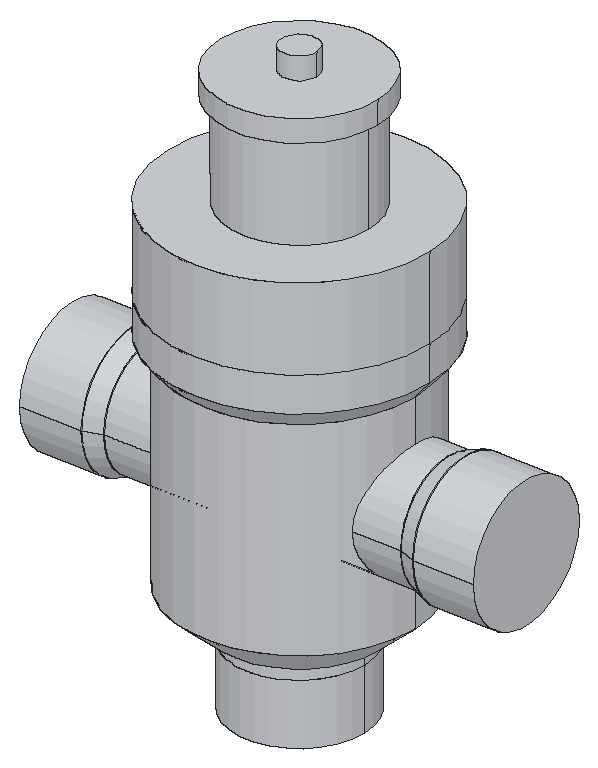
Revit family "VMX12P_DN15_PN16_RFA_2018", category Pipe Accessories, Revit 2018
Family settings
  Round Connector Dimension = Use Diameter
  Part Type = Valve - Breaks Into
  Work Plane-Based = No
  Always vertical = Yes
  Cut with Voids When Loaded = No
  Shared = No
Parameters (values of type "VMX12P G1/2  PN16 kvs1,0")
  magiProductId = ""
  magiProductFamilyId = ""
  magiPartTypeId = 320
  isMeasuringValve [instance] = no
  ang2D [instance] = 0.00°
  Z9 = 7 mm
  Z8 = 4 mm
  Z7__ve = -Z7  # -2.5 mm
  Z7 = 2.5 mm
  Z6 = 8.775 mm
  Z5 = 9.45 mm
  Z3 = 2 mm
  Z2 = 5 mm
  Z1 = 3.75 mm
  X4__ve = -X4  # -7 mm
  X4 = 7 mm
  X3 = 34 mm
  X1 = 5.2 mm
  W2D = 15 mm
  VersionID = ""
  Use Minimum Symbol Size [instance] = no
  URL = "www.hydronix.cz"
  Type Comments = "Závitový, vnější závit, ploché těsnění; LIN charakteristika; PN16; +5~+95°C; max.rychlost proudění 3,0 m/s"
  TL = 52 mm
  R9 = 9 mm
  R8 = 2 mm
  R7 = 15 mm
  R6 = 9 mm
  R5 = 10.214 mm
  R4 = 8.512 mm
  R3 = 7.5 mm
  R2 = 13.3 mm
  R10 = 8 mm
  R1 = 6.75 mm
  QmdConnectorList = "301;D;302;D;303;D"
  Productdata [instance] = ""
  Manufacturer = "Hydronix"
  MT = 1
  MC Product Code = "VMX12P (G1/2\"; dpmax=250kPa; kvs 1,0)"
  MC = yes
  LT2 = 19 mm
  L2D_Min = 30.48 mm
  L2D = 38 mm
  L = 38 mm
  H1 = 23.8 mm
  H = 27 mm
  E = 16 mm
  Description = "3 cestný regulační ventil malých spotřebičů, DN15; zdvih 2,5mm; max dp 250kPa; kvs1,0"
  DT2 = 7.5 mm
  D = 15 mm
  CS = no
  CAT0 = yes
  CAT = no
  C = 25 mm
  Assembly Code = ""
Types (8, lengths in mm): name | Z9 | Z6 | Z5 | Z2 | Z1 | X3 | X1 | W2D | TL | R6 | R5 | R4 | R3 | R2 | R1 | MC Product Code | LT2 | L2D | L | H1 | H | Description | DT2 | D | C
  VMX09P G1/2  PN16 kvs0,25 | 7 | 8.775 | 9.45 | 5 | 3.75 | 34 | 5.2 | 15 | 52 | 9 | 10.214 | 8.512 | 7.5 | 13.3 | 6.75 | "VMX09P (G1/2\"; dpmax=250kPa; kvs 0,25)" | 19 | 38 | 38 | 23.8 | 27 | "3 cestný regulační ventil malých spotřebičů, DN15; zdvih 2,5mm; max dp 250kPa; kvs0,25" | 7.5 | 15 | 25
  VMX10P G1/2  PN16 kvs0,4 | 7 | 8.775 | 9.45 | 5 | 3.75 | 34 | 5.2 | 15 | 52 | 9 | 10.214 | 8.512 | 7.5 | 13.3 | 6.75 | "VMX10P (G1/2\"; dpmax=250kPa; kvs 0,4)" | 19 | 38 | 38 | 23.8 | 27 | "3 cestný regulační ventil malých spotřebičů, DN15; zdvih 2,5mm; max dp 250kPa; kvs0,4" | 7.5 | 15 | 25
  VMX11P G1/2  PN16 kvs0,6 | 7 | 8.775 | 9.45 | 5 | 3.75 | 34 | 5.2 | 15 | 52 | 9 | 10.214 | 8.512 | 7.5 | 13.3 | 6.75 | "VMX11P (G1/2\"; dpmax=250kPa; kvs 0,6)" | 19 | 38 | 38 | 23.8 | 27 | "3 cestný regulační ventil malých spotřebičů, DN15; zdvih 2,5mm; max dp 250kPa; kvs0,6" | 7.5 | 15 | 25
  VMX12P G1/2  PN16 kvs1,0 | 7 | 8.775 | 9.45 | 5 | 3.75 | 34 | 5.2 | 15 | 52 | 9 | 10.214 | 8.512 | 7.5 | 13.3 | 6.75 | "VMX12P (G1/2\"; dpmax=250kPa; kvs 1,0)" | 19 | 38 | 38 | 23.8 | 27 | "3 cestný regulační ventil malých spotřebičů, DN15; zdvih 2,5mm; max dp 250kPa; kvs1,0" | 7.5 | 15 | 25
  VMX13P G1/2  PN16 kvs1,6 | 7 | 8.775 | 9.45 | 5 | 3.75 | 34 | 5.2 | 15 | 52 | 9 | 10.214 | 8.512 | 7.5 | 13.3 | 6.75 | "VMX13P (G1/2\"; dpmax=250kPa; kvs 1,6)" | 19 | 38 | 38 | 23.8 | 27 | "3 cestný regulační ventil malých spotřebičů, DN15; zdvih 2,5mm; max dp 250kPa; kvs1,6" | 7.5 | 15 | 25
  VMX21P G3/4  PN16 kvs2,5 | 8.8 | 8.45 | 9.1 | 6.8 | 5.1 | 38 | 5.6 | 20 | 56 | 12 | 11.29 | 9.408 | 10 | 14.7 | 9 | "VMX21P (G3/4\"; dpmax=150kPa; kvs 2,5)" | 21 | 42 | 42 | 29 | 26 | "3 cestný regulační ventil malých spotřebičů, DN20; zdvih 2,5mm; max dp 150kPa; kvs2,5" | 10 | 20 | 34
  VMX24P G3/4  PN16 kvs4,0 | 8.8 | 8.45 | 9.1 | 6.8 | 5.1 | 38 | 5.6 | 20 | 56 | 12 | 11.29 | 9.408 | 10 | 14.7 | 9 | "VMX24P (G3/4\";  dpmax A-AB=100kPa;  dpmax B-AB=40kPa;  kvs 4,0)" | 21 | 42 | 42 | 29 | 26 | "3 cestný regulační ventil malých spotřebičů, DN20; zdvih 2,5mm; max dp A-AB 100kPa; max dp B-AB 40kPa; kvs4,0" | 10 | 20 | 34
  VMX26P G3/4  PN16 kvs6,0 | 8.8 | 8.45 | 9.1 | 6.8 | 5.1 | 38 | 5.6 | 20 | 56 | 12 | 11.29 | 9.408 | 10 | 14.7 | 9 | "VMX26P (G3/4\";  dpmax A-AB=100kPa;  dpmax B-AB=40kPa;  kvs 6,0)" | 21 | 42 | 42 | 29 | 26 | "3 cestný regulační ventil malých spotřebičů, DN20; zdvih 2,5mm; max dp A-AB 100kPa; max dp B-AB 40kPa; kvs6,0" | 10 | 20 | 34
Reference planes
  plane 1 "Center (Front/Back)": y = 0
  plane 2 "XYPLANE": z = 0
  plane 3 "Center (Left/Right)": x = 0
  plane 4 "271": z = 38
  plane 5 "254": z = 11.55
  plane 6 "253": z = 17.55
  plane 7 "148": z = 40.5
  plane 8 "132": z = 43
  plane 9 "62": z = 13.55
  plane 10 "53": z = 27
  plane 11 "52": z = -12.25
  plane 12 "48": z = -16
  plane 13 "47": z = -18
  plane 14 "38": z = -23
  plane 15 "37": x = 17
  plane 16 "36": x = 19
  plane 17 "23": z = -25
  plane 18 "19": x = -17
  plane 19 "15": x = -19
  plane 20 "6": x = 26
  plane 21 "5": x = -26
  plane 22 "3": z = 0
  plane 23 "2": y = 0
  plane 24 "1": x = 0
Forms (mm)
  Extrusion 1, solid
    sketch origin (-750, 0, -25) x (1, 0, 0) y (0, 1, 0)
      loop
        circle (750, 0) r 7.5
    from 0 to 7 <- "Z9"
  Extrusion 2, solid, visible <- "CAT0"
    sketch origin (-750, 0, 43) x (1, 0, 0) y (0, 1, 0)
      loop
        circle (750, 0) r 2
    from 0 to -2.5 <- "Z7__ve"
  Extrusion 3, solid, visible <- "CAT0"
    sketch origin (-750, 0, 38) x (1, 0, 0) y (0, 1, 0)
      loop
        circle (750, 0) r 8
    from 0 to -19
  Extrusion 4, solid, visible <- "CAT0"
    sketch origin (-17, -750, 0) x (0, 1, 0) y (0, 0, 1)
      loop
        circle (750, 0) r 6.75
    from 0 to 34 <- "X3"
  Extrusion 5, solid
    sketch origin (-750, 0, 13.55) x (1, 0, 0) y (0, 1, 0)
      loop
        circle (750, 0) r 15
    from 0 to 4 <- "Z8"
  Extrusion 6, solid
    sketch origin (-750, 0, 40.5) x (1, 0, 0) y (0, 1, 0)
      loop
        circle (750, 0) r 9
    from 0 to -2.5 <- "Z7__ve"
  Extrusion 7, solid
    sketch origin (-750, 0, 17.55) x (1, 0, 0) y (0, 1, 0)
      loop
        circle (750, 0) r 15
    from 0 to 9.45 <- "Z5"
  Blend 8, solid
    base sketch origin (-750, 0, 11.55) x (1, 0, 0) y (0, 1, 0)
      loop
        circle (750, 0) r 13.3
    top sketch origin (-750, 0, 11.55) x (1, 0, 0) y (0, 1, 0)
      loop
        circle (750, 0) r 15
    from 0 to 2
  Blend 9, solid
    base sketch origin (-750, 0, -12.25) x (1, 0, 0) y (0, 1, 0)
      loop
        circle (750, 0) r 13.3
    top sketch origin (-750, 0, -12.25) x (1, 0, 0) y (0, 1, 0)
      loop
        circle (750, 0) r 9
    from 0 to -3.75
  Extrusion 10, solid
    sketch origin (-750, 0, -18) x (1, 0, 0) y (0, 1, 0)
      loop
        circle (750, 0) r 7.5
    from 0 to 2 <- "Z3"
  Extrusion 11, solid
    sketch origin (26, -750, 0) x (0, 1, 0) y (0, 0, 1)
      loop
        circle (750, 0) r 7.5
    from 0 to -7 <- "X4__ve"
  Blend 12, solid
    base sketch origin (19, -750, 0) x (0, 1, 0) y (0, 0, 1)
      loop
        circle (750, 0) r 7.5
    top sketch origin (19, -750, 0) x (0, 1, 0) y (0, 0, 1)
      loop
        circle (750, 0) r 6.75
    from 0 to -2
  Extrusion 13, solid
    sketch origin (-750, 0, -12.25) x (1, 0, 0) y (0, 1, 0)
      loop
        circle (750, 0) r 13.3
    from 0 to 23.8 <- "H1"
  Blend 14, solid
    base sketch origin (-19, -750, 0) x (0, 1, 0) y (0, 0, 1)
      loop
        circle (750, 0) r 7.5
    top sketch origin (-19, -750, 0) x (0, 1, 0) y (0, 0, 1)
      loop
        circle (750, 0) r 6.75
    from 0 to 2
  Extrusion 15, solid
    sketch origin (-26, -750, 0) x (0, 1, 0) y (0, 0, 1)
      loop
        circle (750, 0) r 7.5
    from 0 to 7 <- "X4"
  Extrusion 16, solid, not visible
    sketch origin (-750, 0, -18) x (1, 0, 0) y (0, 1, 0)
      loop
        circle (750, 0) r 10
    from 0 to 10
  Extrusion 17, solid, not visible
    sketch origin (19, -750, 0) x (0, 1, 0) y (0, 0, 1)
      loop
        circle (750, 0) r 10
    from 0 to -10
  Extrusion 18, solid, not visible
    sketch origin (-19, -750, 0) x (0, 1, 0) y (0, 0, 1)
      loop
        circle (750, 0) r 10
    from 0 to 10
Lines and regions (mm)
  reference lines, not visible
    curve 1: circle (2, 2, 0) r 1 normal (0, 0, 1)
Dimensions and locks
  plane 1 "Center (Front/Back)" to curve 1 = 2 mm
  "Z7": plane 7 "148" to plane 4 "271"
  "Z3": plane 9 "62" to plane 5 "254"
  "Z5": plane 10 "53" to plane 6 "253"
  "Z7": plane 8 "132" to plane 7 "148"
  "E": plane 10 "53" to plane 8 "132"
  "Z8": plane 6 "253" to plane 9 "62"
  "H": plane 2 "XYPLANE" to plane 10 "53"
  "Z1": plane 12 "48" to plane 11 "52"
  "Z3": plane 13 "47" to plane 12 "48"
  "Z2": plane 14 "38" to plane 13 "47"
  "Z3": plane 17 "23" to plane 14 "38"
  locked: plane 16 "36" to plane 15 "37" at 2
  "LT2": plane 3 "Center (Left/Right)" to plane 16 "36"
  "C": plane 2 "XYPLANE" to plane 17 "23"
  locked: plane 19 "15" to plane 18 "19" at 2
  "LT2": plane 3 "Center (Left/Right)" to plane 19 "15"
  "X4": plane 16 "36" to plane 20 "6"
  "X4": plane 19 "15" to plane 21 "5"
  locked: plane 2 "XYPLANE" to plane 22 "3"
  locked: plane 1 "Center (Front/Back)" to plane 23 "2"
  locked: plane 3 "Center (Left/Right)" to plane 24 "1"
  "DT2": radius of Extrusion 1 sketch curve
  "R8": radius of Extrusion 2 sketch curve
  "R10": radius of Extrusion 3 sketch curve
  "R1": radius of Extrusion 4 sketch curve
  "R7": radius of Extrusion 5 sketch curve
  "R9": radius of Extrusion 6 sketch curve
  "R7": radius of Extrusion 7 sketch curve
  "R7": radius of Blend 8 sketch curve
  "R2": radius of Blend 8 sketch curve
  "R6": radius of Blend 9 sketch curve
  "R2": radius of Blend 9 sketch curve
  "DT2": radius of Extrusion 10 sketch curve
  "DT2": radius of Extrusion 11 sketch curve
  "R1": radius of Blend 12 sketch curve
  "DT2": radius of Blend 12 sketch curve
  "R2": radius of Extrusion 13 sketch curve
  "R1": radius of Blend 14 sketch curve
  "DT2": radius of Blend 14 sketch curve
  "DT2": radius of Extrusion 15 sketch curve
  aligned and locked: level to plane 2 "XYPLANE"
  aligned and locked: plane 23 "2" to Extrusion 1 sketch curve
  aligned and locked: plane 24 "1" to Extrusion 1 sketch curve
  aligned and locked: plane 23 "2" to Extrusion 2 sketch curve
  aligned and locked: plane 24 "1" to Extrusion 2 sketch curve
  aligned and locked: plane 23 "2" to Extrusion 3 sketch curve
  aligned and locked: plane 24 "1" to Extrusion 3 sketch curve
  aligned and locked: plane 22 "3" to Extrusion 4 sketch curve
  aligned and locked: Extrusion 4 sketch curve to plane 23 "2"
  aligned and locked: plane 23 "2" to Extrusion 5 sketch curve
  aligned and locked: plane 24 "1" to Extrusion 5 sketch curve
  aligned and locked: plane 23 "2" to Extrusion 6 sketch curve
  aligned and locked: plane 24 "1" to Extrusion 6 sketch curve
  aligned and locked: plane 23 "2" to Extrusion 7 sketch curve
  aligned and locked: plane 24 "1" to Extrusion 7 sketch curve
  aligned and locked: plane 23 "2" to Blend 8 sketch curve  (x2)
  aligned and locked: plane 24 "1" to Blend 8 sketch curve  (x2)
  aligned and locked: plane 9 "62" to Blend 8
  aligned and locked: plane 23 "2" to Blend 9 sketch curve  (x2)
  aligned and locked: plane 24 "1" to Blend 9 sketch curve  (x2)
  aligned and locked: Blend 9 to plane 12 "48"
  aligned and locked: plane 23 "2" to Extrusion 10 sketch curve
  aligned and locked: plane 24 "1" to Extrusion 10 sketch curve
  aligned and locked: plane 22 "3" to Extrusion 11 sketch curve
  aligned and locked: Extrusion 11 sketch curve to plane 23 "2"
  aligned and locked: plane 22 "3" to Blend 12 sketch curve  (x2)
  aligned and locked: Blend 12 sketch curve to plane 23 "2"  (x2)
  aligned and locked: Blend 12 to plane 15 "37"
  aligned and locked: plane 23 "2" to Extrusion 13 sketch curve
  aligned and locked: plane 24 "1" to Extrusion 13 sketch curve
  aligned and locked: plane 22 "3" to Blend 14 sketch curve  (x2)
  aligned and locked: Blend 14 sketch curve to plane 23 "2"  (x2)
  aligned and locked: plane 18 "19" to Blend 14
  aligned and locked: plane 22 "3" to Extrusion 15 sketch curve
  aligned and locked: Extrusion 15 sketch curve to plane 23 "2"
  aligned and locked: plane 23 "2" to Extrusion 16 sketch curve
  aligned and locked: plane 24 "1" to Extrusion 16 sketch curve
  aligned and locked: plane 22 "3" to Extrusion 17 sketch curve
  aligned and locked: Extrusion 17 sketch curve to plane 23 "2"
  aligned and locked: plane 22 "3" to Extrusion 18 sketch curve
  aligned and locked: Extrusion 18 sketch curve to plane 23 "2"
Automatic sketch dimensions
  plane 1 "Center (Front/Back)" to Extrusion 16 sketch curve = 10 mm
  plane 1 "Center (Front/Back)" to Extrusion 17 sketch curve = 10 mm
  plane 1 "Center (Front/Back)" to Extrusion 18 sketch curve = 10 mm
  plane 3 "Center (Left/Right)" to curve 1 = 2 mm
  radius of curve 1 = 1 mm
Connectors
  piping at (-19, 0, 0), diameter 15, driven by "D"
    settings: on Extrusion 18, index 1, connector inside diameter 609.6 mm, connector length 0 mm, flow factor 0, pipe flow 0.0 L/s, pressure drop 0.0 Pa, fitting loss kfactor 0, connector angle 0.00°, fixture units 0, engagement length 0 mm, angle of deflection 0.00°, flow configuration 0, flow direction 0, fitting loss method 0, system type 29, joint type 0, gender type 0, connector reference index -1, connector utility 0, adjustable connector yes, is connector primary yes, connector description ""
  piping at (19, 0, 0), diameter 15, driven by "D"
    settings: on Extrusion 17, index 2, connector inside diameter 609.6 mm, connector length 0 mm, flow factor 0, pipe flow 0.0 L/s, pressure drop 0.0 Pa, fitting loss kfactor 0, connector angle 0.00°, fixture units 0, engagement length 0 mm, angle of deflection 0.00°, flow configuration 0, flow direction 0, fitting loss method 0, system type 29, joint type 0, gender type 0, connector reference index -1, connector utility 0, adjustable connector yes, is connector primary no, connector description ""
  piping at (0, 0, -18), diameter 15, driven by "D"
    settings: on Extrusion 16, index 3, connector inside diameter 609.6 mm, connector length 0 mm, flow factor 0, pipe flow 0.0 L/s, pressure drop 0.0 Pa, fitting loss kfactor 0, connector angle 0.00°, fixture units 0, engagement length 0 mm, angle of deflection 0.00°, flow configuration 0, flow direction 0, fitting loss method 0, system type 29, joint type 0, gender type 0, connector reference index -1, connector utility 0, adjustable connector yes, is connector primary no, connector description ""
